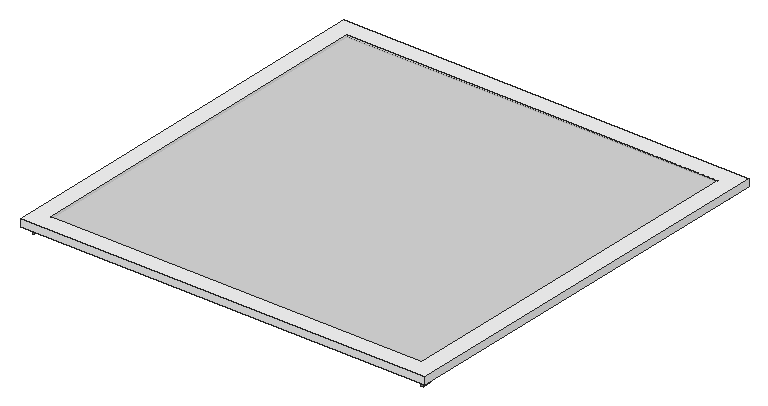
Revit family "0047645 Feilo Sylvania Lighting Fixtures START FLAT HE 600 4000K G2", category Lighting Fixtures, host Face, Revit 2017
Family settings
  Host = Face
  Round Connector Dimension = Use Diameter
  Part Type = Normal
  OmniClass Number = 23.80.70.11.17
  OmniClass Title = Specialized Lighting by Location or Use
  Cut with Voids When Loaded = No
  Light Source = Yes
  Shared = No
  Room Calculation Point = No
Parameters (values of type "0047645 START FLAT HE 600 4000K G2")
  Weight = "12.25 kg"
  Wattage = 36 W
  WarrantyStartDate [instance] = "n/a"
  WarrantyGuarantorParts = "n/a"
  WarrantyDurationUnit = "n/a"
  WarrantyDurationParts = "n/a"
  WarrantyDescription = "n/a"
  built-in parameter 1150110 = 1 (stored number, unit not read)
  Voltage = 230 V
  URL = "http://www.sylvania-lighting.com"
  TypeName = "START FLAT HE 600 4000K G2"
  built-in parameter 1114217 = 1 (stored number, unit not read)
  Tilt Angle = -90.00°
  built-in parameter 1150109 = 1 (stored number, unit not read)
  built-in parameter 1150134 = 12
  built-in parameter 1150113 = 1 (stored number, unit not read)
  SerialNumber [instance] = "n/a"
  PowerFactor = 0.9
  PowerConsumption = "36 W"
  Photometric Web File = "0047645.ies"
  NominalWidth = 0.0 mm
  NominalLength = 595.0 mm
  NominalHeight = 10.5 mm
  Name = "START FLAT HE 600 4000K G2"
  ModelReference = "START FLAT HE 600 4000K G2"
  ModelNumber = "0047645"
  Material = "aluminium housing, pmma diffuser"
  ManufacturerName = "Feilo Sylvania"
  LuminousEfficacy = "120 lm/W"
  LuminaireType = ""
  LightOutputRatio = "n/a"
  LampsType = Lamp  # "Integrated LED"
  LampNominalLuminous = "4200 lm"
  LampMacAdamStep = "6"
  LampColourTemperature = "4000 K"
  LampColourRenderingIndex = "80"
  Keynote = "16500"
  InstallationDate [instance] = "n/a"
  InputVoltage = "220-240V~"
  InputNominalFrequency = "50/60 Hz"
  IngressProtection = "IP20"
  ImpactProtectionIndex = "IK03"
  IfcExportType = "IfcLightFixtureType"
  IfcExportAs = "IfcLightFixtureType"
  ExpectedLife = 50000
  ElectricShockClassification = "Class II"
  DurationUnit = "hours"
  DocumentationLiterature = "http://www.sylvania-lighting.com/product/en-int/products/0047645"
  DimmingControlOptions = "n/a"
  DiffuserMaterial = Polycarbonate_Sylvania_Startflat Panel LED_Opal
  Cutout Width = 574.0 mm
  Cutout Length = 574.0 mm
  CreatedOn = "11/30/2017"
  CreatedBy = ""
  built-in parameter 1114216 [instance] = 1 (stored number, unit not read)
  Model = "START FLAT HE 600 4000K G2"
  Manufacturer = "Feilo-Sylvania Group"
  built-in parameter 1150105 = 343.77 (stored number, unit not read)
  Lumens = 4320 lm
  built-in parameter 1150115 = 1 (stored number, unit not read)
  built-in parameter 1150137 = (empty or 0)
  built-in parameter 1150139 = (empty or 0)
  built-in parameter 1150112 = 1 (stored number, unit not read)
  built-in parameter 1150114 = 1 (stored number, unit not read)
  Lamp = "Integrated LED"  # constant formula
  built-in parameter 1150132 = 2
  built-in parameter 1150102 = (empty or 0)
  built-in parameter 1150107 = 4000 (stored number, unit not read)
  built-in parameter 1150138 = (empty or 0)
  built-in parameter 1150106 = 3.4377 (stored number, unit not read)
  BodyMaterial = Metal_Sylvania_Startflat Panel LED_White
  Emit from Rectangle Width = 545.0 mm
  Emit from Rectangle Length = 545.0 mm
  Emit Shape Visible in Rendering = no
  built-in parameter 1150104 = 11.148 (stored number, unit not read)
  Dimming Lamp Color Temperature Shift = <None>
  Description = "Ultra thin LED Panel, excellent uniformity of light, perfect for ceilings with low voids, high efficacy.Ulta thin edgelit LED 600x600mm Panel with, excellent uniform light distribution. Acrylic PMMA diffuser optimising light output whilst reducing glare. 4239lm 93lm/W."  # constant formula
  Default Elevation = 0.0 mm
  Color Filter = 16777215
  built-in parameter 1140040 [instance] = 1
  BarCode [instance] = "n/a"
  built-in parameter 1114218 = 1 (stored number, unit not read)
  built-in parameter 1150133 = 10 (stored number, unit not read)
  AssetType = "Fixed"
  AssetIdentifier [instance] = "n/a"
  Assembly Code = "D5020200"
  Apparent Load = 36 VA
  MountingMaterial = Metal_Sylvania_Startflat Panel LED_Silver
Reference planes
  plane 1 "Center (Front/Back)": y = 0
  plane 2 "Fixture Top": z = 0
  plane 3 "Center (Left/Right)": x = 0
  plane 4: x = 295.5
  plane 5: x = -295.5
  plane 6 "Fixture Back": y = 297.5
  plane 7 "Fixture Front": y = -297.5
  plane 8 "Fixture Left": x = -297.5
  plane 9 "Fixture Right": x = 297.5
  plane 10: y = 295.5
  plane 11: y = -295.5
  plane 12: x = 272.5
  plane 13: x = -272.5
  plane 14: y = 272.5
  plane 15: y = -272.5
  plane 16: x = -287
  plane 17: x = 287
  plane 18: y = 287
  plane 19: y = -287
  plane 20 "Fixture Bottom": z = 10.5
  plane 21: z = 8.5
  plane 22: z = 6.5
  plane 23: z = -10
  plane 24: z = 2
Forms (mm)
  Extrusion 1, void
    sketch origin (0, 0, 60) x (-1, 0, 0) y (0, -1, 0)
      loop
        line (287, -287) -> (287, 287) -> (-287, 287) -> (-287, -287) -> (287, -287)
    from -70 to -60
  Extrusion 2, solid, material "Metal_Sylvania_Startflat Panel LED_White" <- "BodyMaterial", detail levels fine
    sketch origin (0, 0, 60) x (-1, 0, 0) y (0, -1, 0)
      loop
        line (297.5, -297.5) -> (297.5, 297.5) -> (-297.5, 297.5) -> (-297.5, -297.5) -> (297.5, -297.5)
      loop
        line (272.5, -272.5) -> (272.5, 272.5) -> (-272.5, 272.5) -> (-272.5, -272.5) -> (272.5, -272.5)
    from -51.5 to -49.5
  Extrusion 3, solid, material "Metal_Sylvania_Startflat Panel LED_White" <- "BodyMaterial", detail levels fine
    sketch origin (0, 0, 60) x (-1, 0, 0) y (0, -1, 0)
      loop
        line (297.5, -297.5) -> (297.5, 297.5) -> (-297.5, 297.5) -> (-297.5, -297.5) -> (297.5, -297.5)
      loop
        line (295.5, -295.5) -> (295.5, 295.5) -> (-295.5, 295.5) -> (-295.5, -295.5) -> (295.5, -295.5)
    from -60 to -51.5
  Extrusion 4, solid, material "Polycarbonate_Sylvania_Startflat Panel LED_Opal" <- "DiffuserMaterial", detail levels fine
    sketch origin (0, 0, 60) x (-1, 0, 0) y (0, -1, 0)
      loop
        line (295.5, -295.5) -> (295.5, 295.5) -> (-295.5, 295.5) -> (-295.5, -295.5) -> (295.5, -295.5)
    from -53.5 to -51.5
  Extrusion 5, solid, material "Metal_Sylvania_Startflat Panel LED_Silver" <- "MountingMaterial", detail levels fine
    sketch origin (0, 0, 60) x (-1, 0, 0) y (0, -1, 0)
      loop
        line (287, -287) -> (287, -272.5) -> (284, -272.5) -> (284, -287) -> (287, -287)
      loop
        line (-284, -287) -> (-284, -272.5) -> (-287, -272.5) -> (-287, -287) -> (-284, -287)
      loop
        line (-284, 272.5) -> (-284, 287) -> (-287, 287) -> (-287, 272.5) -> (-284, 272.5)
      loop
        line (284, 272.5) -> (287, 272.5) -> (287, 287) -> (284, 287) -> (284, 272.5)
    from -70 to -60
  Extrusion 6, solid, material "Metal_Sylvania_Startflat Panel LED_White" <- "BodyMaterial", detail levels fine
    sketch origin (0, 0, 60) x (-1, 0, 0) y (0, -1, 0)
      loop
        line (297.5, -297.5) -> (297.5, 297.5) -> (-297.5, 297.5) -> (-297.5, -297.5) -> (297.5, -297.5)
    from -60 to -58
  Extrusion 7, solid, material "Metal_Sylvania_Startflat Panel LED_White" <- "BodyMaterial", detail levels coarse+medium
    sketch origin (0, 0, 60) x (-1, 0, 0) y (0, -1, 0)
      loop
        line (297.5, -297.5) -> (297.5, 297.5) -> (-297.5, 297.5) -> (-297.5, -297.5) -> (297.5, -297.5)
    from -60 to -49.5
Cuts and joins
  joined: Extrusion 2, Extrusion 3, Extrusion 6
Dimensions and locks
  equal spacing: plane 6 "Fixture Back", plane 1 "Center (Front/Back)", plane 7 "Fixture Front"
  locked: plane 6 "Fixture Back" to plane 7 "Fixture Front" at 595
  equal spacing: plane 8 "Fixture Left", plane 3 "Center (Left/Right)", plane 9 "Fixture Right"
  locked: plane 8 "Fixture Left" to plane 9 "Fixture Right" at 595
  locked: plane 8 "Fixture Left" to plane 5 at 2
  locked: plane 4 to plane 9 "Fixture Right" at 2
  locked: plane 6 "Fixture Back" to plane 10 at 2
  locked: plane 11 to plane 7 "Fixture Front" at 2
  locked: plane 12 to plane 9 "Fixture Right" at 25
  locked: plane 8 "Fixture Left" to plane 13 at 25
  locked: plane 6 "Fixture Back" to plane 14 at 25
  locked: plane 15 to plane 7 "Fixture Front" at 25
  equal spacing: plane 16, plane 3 "Center (Left/Right)", plane 17
  "Cutout Length": plane 16 to plane 17
  equal spacing: plane 18, plane 1 "Center (Front/Back)", plane 19
  "Cutout Width": plane 18 to plane 19
  locked: plane 20 "Fixture Bottom" to plane 2 "Fixture Top" at 10.5
  plane 20 "Fixture Bottom" to plane 21 to plane 22 = 2.0 mm locked, 2.0 mm locked
  locked: plane 2 "Fixture Top" to plane 23 at 10
  locked: plane 16 to Extrusion 5 sketch curve at 3
  locked: Extrusion 5 sketch curve to plane 17 at 3
  locked: plane 24 to plane 2 "Fixture Top" at 2
  aligned and locked: level to host face
  aligned and locked: imposter light to plane 1 "Center (Front/Back)"
  aligned and locked: plane 2 "Fixture Top" to Extrusion 1
  aligned and locked: Extrusion 2 sketch curve to plane 6 "Fixture Back"
  aligned and locked: plane 8 "Fixture Left" to Extrusion 2 sketch curve
  aligned and locked: plane 7 "Fixture Front" to Extrusion 2 sketch curve
  aligned and locked: Extrusion 2 sketch curve to plane 9 "Fixture Right"
  aligned and locked: Extrusion 2 sketch curve to plane 14
  aligned and locked: plane 13 to Extrusion 2 sketch curve
  aligned and locked: plane 15 to Extrusion 2 sketch curve
  aligned and locked: Extrusion 2 sketch curve to plane 12
  aligned and locked: Extrusion 3 sketch curve to Extrusion 2  (x4)
  aligned and locked: Extrusion 3 sketch curve to plane 10
  aligned and locked: plane 5 to Extrusion 3 sketch curve
  aligned and locked: plane 11 to Extrusion 3 sketch curve
  aligned and locked: Extrusion 3 sketch curve to plane 4
  aligned and locked: Extrusion 4 sketch curve to cut or joined group of Extrusion 2, Extrusion 3, Extrusion 6  (x4)
  aligned and locked: plane 16 to Extrusion 1 sketch curve
  aligned and locked: Extrusion 1 sketch curve to plane 17
  aligned and locked: Extrusion 1 sketch curve to plane 18
  aligned and locked: plane 19 to Extrusion 1 sketch curve
  aligned and locked: plane 20 "Fixture Bottom" to cut or joined group of Extrusion 2, Extrusion 3, Extrusion 6
  aligned and locked: cut or joined group of Extrusion 2, Extrusion 3, Extrusion 6 to plane 21
  aligned and locked: plane 21 to cut or joined group of Extrusion 2, Extrusion 3, Extrusion 6
  aligned and locked: cut or joined group of Extrusion 2, Extrusion 3, Extrusion 6 to plane 2 "Fixture Top"
  aligned and locked: plane 21 to Extrusion 4
  aligned and locked: Extrusion 4 to plane 22
  aligned and locked: level to plane 2 "Fixture Top"
  aligned and locked: plane 3 "Center (Left/Right)" to imposter light
  aligned and locked: plane 20 "Fixture Bottom" to imposter light
  aligned and locked: Extrusion 5 sketch curve to plane 18  (x2)
  aligned and locked: plane 16 to Extrusion 5 sketch curve
  aligned and locked: cut or joined group of Extrusion 2, Extrusion 3, Extrusion 6 to Extrusion 5 sketch curve  (x3)
  aligned and locked: plane 14 to Extrusion 5 sketch curve
  aligned and locked: Extrusion 5 sketch curve to plane 17  (x2)
  aligned and locked: plane 19 to Extrusion 5 sketch curve
  aligned and locked: Extrusion 5 sketch curve to plane 19
  aligned and locked: Extrusion 5 sketch curve to plane 16
  aligned and locked: Extrusion 5 to plane 23
  aligned and locked: Extrusion 5 sketch curve to Extrusion 5 sketch curve  (x2)
  aligned and locked: Extrusion 6 sketch curve to cut or joined group of Extrusion 2, Extrusion 3, Extrusion 6  (x4)
  aligned and locked: Extrusion 6 to plane 2 "Fixture Top"
  aligned and locked: plane 24 to Extrusion 6
  aligned and locked: plane 2 "Fixture Top" to Extrusion 5
  aligned and locked: Extrusion 7 sketch curve to cut or joined group of Extrusion 2, Extrusion 3, Extrusion 6  (x4)
  aligned and locked: Extrusion 7 to plane 2 "Fixture Top"
  aligned and locked: plane 20 "Fixture Bottom" to Extrusion 7
  aligned and locked: Extrusion 1 to Extrusion 5
Automatic sketch dimensions
  host sketch curve to host sketch curve = 1461.012 mm
  host sketch curve to host sketch curve = 1283.632 mm
Connectors
  electrical at (0, 0, 0), driven by "Apparent Load"
    settings: on cut or joined group of Extrusion 2, Extrusion 3, Extrusion 6, index 1, voltage 230 V, apparent load 0 VA, apparent load phase1 36 VA, apparent load phase2 0 VA, apparent load phase3 0 VA, power factor 1, load classification "Lighting", number of poles 1, system type 31, power factor state 1, is connector primary yes, connector utility no, sub classification motor no, connector description ""
